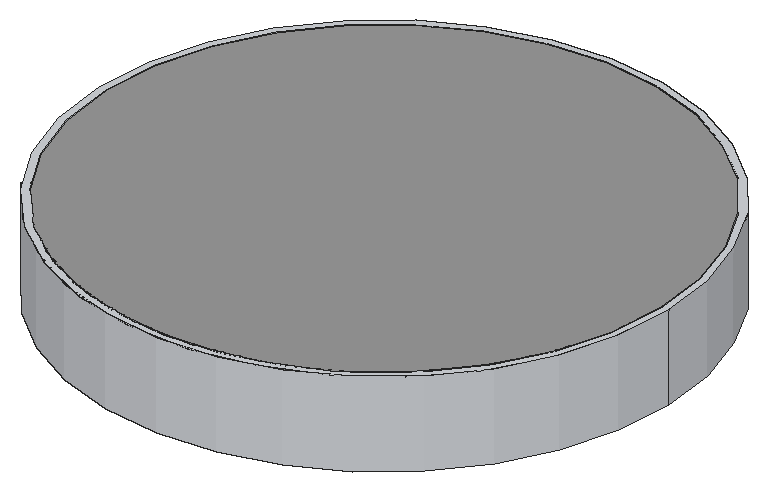
Revit family "2071102", category Lighting Fixtures, host Face, Revit 2018
Family settings
  Host = Face
  Round Connector Dimension = Use Diameter
  Part Type = Normal
  OmniClass Number = 23.80.70.00
  OmniClass Title = Lighting
  Cut with Voids When Loaded = No
  Light Source = Yes
  Shared = No
  Room Calculation Point = No
Parameters (values of type "2071102 COLOSSAL 400 830 OP DIR WHT EM")
  iner diameter = 390 mm
  Weight = "n/a"
  Wattage Comments = ""
  Wattage = 30 W
  WarrantyStartDate [instance] = "n/a"
  WarrantyGuarantorParts = "n/a"
  WarrantyDurationUnit = "n/a"
  WarrantyDurationParts = ""
  WarrantyDescription = "http://www.sylvania-lighting.com"
  built-in parameter 1150110 = 1 (stored number, unit not read)
  Voltage = 230 V
  URL = "0.95"
  TypeName = "COLOSSAL 400mm 830 OPAL DIR WHITE EM"
  Type Image = <None>
  Type Comments = "n/a"
  built-in parameter 1114217 = 1 (stored number, unit not read)
  Tilt Angle = -90.00°
  built-in parameter 1150109 = 1 (stored number, unit not read)
  built-in parameter 1150134 = (empty or 0)
  built-in parameter 1150113 = 1 (stored number, unit not read)
  SerialNumber [instance] = "n/a"
  Photometric Web File = "2071102.ies"
  Material_3_SYL = LED-Sylvania
  PowerFactor = 0
  PowerConsumption = "Lighting"
  NominalLength = 400 mm
  NominalHeight = 93 mm
  NominalDepth = 400 mm
  Name = "COLOSSAL 400mm 830 OPAL DIR WHITE EM"
  ModelReference = Name  # "COLOSSAL 400mm 830 OPAL DIR WHITE EM"
  ModelNumber = "2071102"
  Model = Name  # "COLOSSAL 400mm 830 OPAL DIR WHITE EM"
  Material = "Feilo Sylvania"
  ManufacturerName = "116 lm/W"
  Manufacturer = ""
  LuminousEfficacy = ""
  built-in parameter 1150105 = 270.44 (stored number, unit not read)
  Lumens = 3398.4 lm
  LuminaireType = "0"
  built-in parameter 1150115 = 1 (stored number, unit not read)
  LightOutputRatio = "LED"
  built-in parameter 1150137 = (empty or 0)
  built-in parameter 1150139 = (empty or 0)
  LampsType = Lamp  # "n/a"
  LampNominalLuminous = "3000 K"
  LampMacAdamStep = "80"
  LampColourTemperature = "LED"
  LampColourRenderingIndex = "16500"
  built-in parameter 1150112 = 1 (stored number, unit not read)
  built-in parameter 1150114 = 1 (stored number, unit not read)
  Lamp = "n/a"
  Keynote = "n/a"
  InstallationDate [instance] = "n/a"
  InputVoltage = "0"
  InputNominalFrequency = "3000"
  built-in parameter 1150132 = (empty or 0)
  built-in parameter 1150102 = (empty or 0)
  built-in parameter 1150107 = 3000 (stored number, unit not read)
  built-in parameter 1150138 = (empty or 0)
  IngressProtection = "IfcLightFixtureType"
  ImpactProtectionIndex = "IfcLightFixtureType"
  built-in parameter 1150106 = 2.7044 (stored number, unit not read)
  IfcExportType = "IfcLightFixtureType"
  IfcExportAs = "Class I"
  Emit from Circle Diameter = 385 mm
  Emit Shape Visible in Rendering = no
  ElectricShockClassification = "116"
  built-in parameter 1150104 = 10.524 (stored number, unit not read)
  DocumentationLiterature = "http://www.sylvania-lighting.com/product/en-int/products/2071102"
  DimmingControlOptions = "n/a"
  Material_2_SYL = Polycarbonate_Sylvania_White
  Dimming Lamp Color Temperature Shift = <None>
  Description = "400mm diameter circular architectural luminaire, can be surface mounted or suspended. Powder coated aluminium housing (RAL9016) with polycarbonate opal diffuser. Direct light distribution, 2460lm luminuous flux, 21.2W system power, 116lm/W luminiaire efficacy. Constant current driver. 3 hours integrated emergency. Colour rendering index Ra >80, 3000K Warm White LED, chromaticity tolerance of 3-step MacAdam ellipse. IP40, IK03. 450mA drive current. Electrical protection Class1, 220-240V. Reported lifetime 66k hours L90B10."
  Default Elevation = 1219.2 mm
  CreatedOn = "22/03/2022"
  CreatedBy = "@sylvania-lighting.com"
  Cost = 0
  Color Filter = 16777215
  built-in parameter 1114216 [instance] = (empty or 0)
  ClassificationValue = "EF_70_80"
  ClassificationName = "Uniclass2015"
  Material_1_SYL = Polycarbonate_Sylvania_Opal
  BarCode [instance] = "n/a"
  built-in parameter 1114218 = 1 (stored number, unit not read)
  built-in parameter 1150133 = 10 (stored number, unit not read)
  AssetType = "Fixed"
  AssetIdentifier [instance] = "n/a"
  Assembly Code = "D5020200"
  Apparent Load = 21.2 VA
  Material_4_SYL = none
Reference planes
  plane 1 "Center (Front/Back)": y = 0
  plane 2: z = 0
  plane 3 "Center (Left/Right)": x = 0
  plane 4: x = -200
  plane 5: x = 200
  plane 6: y = 200
  plane 7: y = -200
  plane 8: y = 236
  plane 9: y = -236
  plane 10: z = 93
  plane 11: y = 195
  plane 12: y = -195
  plane 13: y = 90.5
  plane 14: y = 144.5
  plane 15: through (52.25, 90.5, 1219.2) normal (0.866, 0.5, 0)
  plane 16: through (52.25, 90.5, 1219.2) normal (0.866, 0.5, 0)
  plane 17: through (63.706, 126.657, 1219.2) normal (0.866, 0.5, 0)
  plane 18: through (-104.5, 0, 1219.2) normal (-0.866, 0.5, 0)
  plane 19: through (-142.394, -9.633, 1219.2) normal (-0.866, 0.5, 0)
  plane 20: y = -90.5
  plane 21: y = -118.5
  plane 22: through (85.371, -141.133, 1219.2) normal (-0.866, 0.5, 0)
  plane 23: through (52.25, -90.5, 1219.2) normal (-0.866, 0.5, 0)
  plane 24: through (-161.658, 0, 1219.2) normal (0.866, 0.5, 0)
  plane 25: through (-172.12, 9.121, 1219.2) normal (0.866, 0.5, 0)
  plane 26: through (-104.5, 0, 1219.2) normal (0.866, 0.5, 0)
Forms (mm)
  Extrusion 1, solid, detail levels medium+fine
    sketch origin (0, 0, 0) x (1, 0, 0) y (0, 1, 0)
      loop
        circle (0, 0) r 200
    from 33.023 to 93
  Extrusion 2, void
    sketch origin (0, 0, 0) x (1, 0, 0) y (0, 1, 0)
      loop
        circle (0, 0) r 195
    from 93 to 37.292
  Extrusion 3, solid, material "Glass, White, High Luminance", detail levels fine
    sketch origin (0, 0, 0) x (1, 0, 0) y (0, 1, 0)
      loop
        circle (0, 0) r 195
    from 88.026 to 93
  Extrusion 4, solid, detail levels coarse
    sketch origin (0, 0, 0) x (1, 0, 0) y (0, 1, 0)
      loop
        line (-200, 200) -> (-200, -200) -> (200, -200) -> (200, 200) -> (-200, 200)
    from 0 to 93
  Blend 5, solid, detail levels medium+fine
    base sketch origin (0, 0, 0) x (1, 0, 0) y (0, 1, 0)
      loop
        line (-52.25, 90.5) -> (-104.5, 0) -> (-52.25, -90.5) -> (52.25, -90.5) -> (104.5, 0) -> (52.25, 90.5) -> (-52.25, 90.5)
    top sketch origin (0, 0, 0) x (1, 0, 0) y (0, 1, 0)
      loop
        line (-53.405, 144.5) -> (-149.245, -21.5) -> (-93.242, -118.5) -> (98.438, -118.5) -> (151.843, -26) -> (53.405, 144.5) -> (-53.405, 144.5)
    from 0 to 33.023
Cuts and joins
  Extrusion 2 cuts Extrusion 1
Dimensions and locks
  "NominalDepth": plane 6 to plane 7
  "NominalLength": plane 4 to plane 5
  equal spacing: plane 4, plane 3 "Center (Left/Right)", plane 5
  "iner diameter": plane 11 to plane 12
  equal spacing: plane 11, plane 1 "Center (Front/Back)", plane 12
  equal spacing: plane 6, plane 1 "Center (Front/Back)", plane 7
  "NominalHeight": plane 10 to level
  plane 19 to plane 18 = 28 mm
  radius of Extrusion 2 sketch curve = 195 mm
  aligned and locked: plane 2 to host face
  aligned and locked: level to host face
Automatic sketch dimensions
  host sketch curve to host sketch curve = 2438.4 mm  (x2)
  plane 1 "Center (Front/Back)" to Extrusion 1 sketch curve = 0 mm
  Extrusion 1 sketch curve to plane 3 "Center (Left/Right)" = 0 mm
  plane 1 "Center (Front/Back)" to Extrusion 2 sketch curve = 0 mm
  Extrusion 2 sketch curve to plane 3 "Center (Left/Right)" = 0 mm
  plane 1 "Center (Front/Back)" to Extrusion 3 sketch curve = 0 mm
  Extrusion 3 sketch curve to plane 3 "Center (Left/Right)" = 0 mm
  Extrusion 4 sketch curve to plane 4 = 0 mm
  Extrusion 4 sketch curve to plane 5 = 0 mm
  Extrusion 4 sketch curve to plane 7 = 0 mm
  Extrusion 4 sketch curve to plane 6 = 0 mm
  Blend 5 sketch curve to plane 19 = 0 mm  (x2)
  Blend 5 sketch curve to plane 24 = 0 mm  (x2)
  Blend 5 sketch curve to plane 21 = 0 mm
  Blend 5 sketch curve to plane 14 = 0 mm
  Blend 5 sketch curve to plane 17 = 0 mm  (x2)
  Blend 5 sketch curve to plane 22 = 0 mm  (x2)
  radius of Extrusion 1 sketch curve = 200 mm
  radius of Extrusion 3 sketch curve = 195 mm
Connectors
  electrical at (0, 0, 0), driven by "Apparent Load", driven by "PowerFactor", driven by "Voltage"
    settings: index 1, voltage 230 V, apparent load 21.2 VA, apparent load phase1 0 VA, apparent load phase2 0 VA, apparent load phase3 0 VA, power factor 0, load classification "Lighting", number of poles 1, system type 30, power factor state 1, is connector primary yes, connector utility no, sub classification motor no, connector description ""
